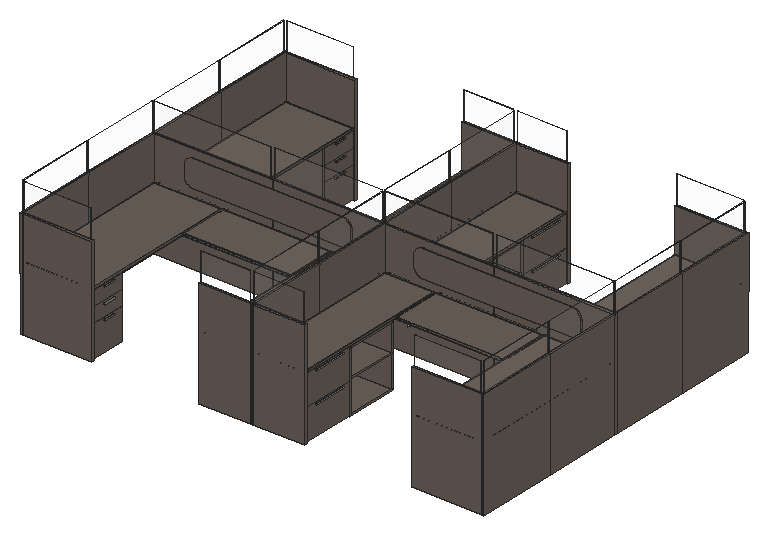
Revit family "OFS TYPICAL T200082", category Furniture, Revit 2022
Family settings
  OmniClass Number = 23.40.20.00
  OmniClass Title = General Furniture and Specialties
  Work Plane-Based = No
  Always vertical = Yes
  Cut with Voids When Loaded = No
  Render Appearance Source = Family Geometry
  Shared = No
  Room Calculation Point = No
Parameters (values of type "T200082")
  URL = "http://ofs.com/"
  Model = "T200082"
  Manufacturer = "OFS"
  Description = "OFS TYPICAL T200082"
  Default Elevation = 0' - 0"
  Copyright © = "©OFS 2024"
  Catalog = ""
  Authoring Version = "Autodesk Revit 2018"
  Assembly Code = "E2020200"
Reference planes (in)
  plane 1 "Center Front/Back": y = 0
  plane 2: z = 0
  plane 3 "Center Left/Right": x = 0
Dimensions and locks (in)
  aligned and locked: level to plane 2
Nested families (in)
  nested 1: "STAKS BENCHING RECTANGULAR WORKSURFACES" at (-78.80498, 0.33365, 0), type "STAKS BENCHING RECTANGULAR WORKSURFACE 48 X 22"
  nested 2: "STAKS BENCHING RECTANGULAR WORKSURFACES" at (-103.33365, -80.05498, 0) x (0, 1, 0) z (0, 0, 1), type "STAKS BENCHING RECTANGULAR WORKSURFACE 72 X 30/2"
    with SURFACE DEPTH 2' - 6", SURFACE WIDTH 5' - 11"
  nested 3: "STAKS RECTANGULAR WORKSURFACES Short Grain" at (-24.83365, -80.05498, 0) x (0, 1, 0) z (0, 0, 1), type "STAKS RECTANGULAR WORKSURFACE 22 x 72/1"
    with Height Above Floor 2' - 5", Width 5' - 11"
  nested 4: "STAKS WORKSURFACE HEIGHT PEDESTAL - BOX-BOX-FILE - NO RISER SUPPORT" at (-78.87837, -85.66461, 0) x (0, 1, 0) z (0, 0, 1), type "STAKS WORKSURFACE HEIGHT PEDESTAL - BOX-BOX-FILE - NO RISER SUPPORT 27in D"
  nested 5: "STAKS WORKSURFACE HEIGHT OPEN SHELF PEDESTAL - NO RISER SUPPORT" at (-24.36921, -15.52289, 0) x (0, -1, 0) z (0, 0, 1), type "STAKS WORKSURFACE HEIGHT OPEN SHELF PEDESTAL - NO RISER SUPPORT 24 x 19"
  nested 6: "STAKS WORKSURFACE HEIGHT PEDESTAL WIDE - FILE-FILE - NO RISER SUPPORT" at (-23.61906, -39.52289, 0) x (0, -1, 0) z (0, 0, 1), type "STAKS WORKSURFACE HEIGHT PEDESTAL WIDE - OPEN-BOX-FILE - NO RISER SUPPORT 24 x 19"
  nested 7: "STAKS SPINE OR DIVIDER WALL 48in" at (7.05498, -75.83365, 0) x (-1, 0, 0) z (0, 0, 1), type "STAKS SPINE OR DIVIDER WALL 48in X 24in 2"
    with Height Above Floor 4' - 0", Width 1' - 11"
  nested 8: "STAKS BENCHING PRIVACY PANEL - FROSTED ACRYLIC _ GLASS" at (-86.6875, -71.87465, 18.835) x (-1, 0, 0) z (0, 0, 1), type "STAKS BENCHING PRIVACY PANEL - FROSTED ACRYLIC 30 X 13"
  nested 9: "STAKS BENCHING PRIVACY PANEL - FROSTED ACRYLIC _ GLASS" at (-100.87465, -18.8125, 18.835) x (0, 1, 0) z (0, 0, 1), type "STAKS BENCHING PRIVACY PANEL - FROSTED ACRYLIC 36 X 13"
  nested 10: "STAKS BENCHING PRIVACY PANEL - FROSTED ACRYLIC _ GLASS" at (-24.5625, -2.12535, 18.835), type "STAKS BENCHING PRIVACY PANEL - FROSTED ACRYLIC 48 X 13"
  nested 11: "STAKS FABRIC TACKBOARD WITH ROUNDED CORNERS FOR SPINE OR DIVIDER WALL" at (-95.55498, 0.83365, 3), type "STAKS FABRIC TACKBOARD WITH ROUNDED CORNERS FOR SPINE OR DIVIDER WALL 12H x 74-96W"
    with Height Above Floor 3' - 5 1/2"
  nested 12: "STAKS BENCHING CANTILEVER WORKSURFACE BRACKET - OPEN" at (-47.75, -3.87535, 0), type "CANTILEVER WORKSURFACE BRACKET - OPEN 22in"
  nested 13: "STAKS BENCHING CANTILEVER WORKSURFACE BRACKET - OPEN" at (-99.12465, -32.75, 0) x (0, 1, 0) z (0, 0, 1), type "CANTILEVER WORKSURFACE BRACKET - OPEN 30in"
  nested 14: "STAKS SPINE OR DIVIDER WALL 48in" at (-41.44502, 1.83365, 0) x (-1, 0, 0) z (0, 0, 1), type ""
    with Height Above Floor 4' - 0"
  nested 15: "STAKS SPINE OR DIVIDER WALL 48in" at (-56.55498, 1.83365, 0), type "STAKS SPINE OR DIVIDER WALL 48in X 49in"
    with Height Above Floor 4' - 0"
  nested 16: "STAKS SPINE OR DIVIDER WALL 48in" at (-100.16635, -44.55498, 0) x (0, 1, 0) z (0, 0, 1), type ""
    with Height Above Floor 4' - 0"
  nested 17: "STAKS SPINE OR DIVIDER WALL 48in" at (-100.16635, -29.44502, 0) x (0, -1, 0) z (0, 0, 1), type "STAKS SPINE OR DIVIDER WALL 48in X 37in"
    with Height Above Floor 4' - 0"
  nested 18: "STAKS SPINE OR DIVIDER WALL 48in" at (-63.44502, -75.83365, 0) x (-1, 0, 0) z (0, 0, 1), type "STAKS SPINE OR DIVIDER WALL 48in X 30in 2"
    with Height Above Floor 4' - 0", Width 2' - 7"
  nested 19: "STAKS SPINE OR DIVIDER WALL 48in" at (-2.33365, -44.55498, 0) x (0, 1, 0) z (0, 0, 1), type "STAKS SPINE OR DIVIDER WALL 48in X 36in"
    with Height Above Floor 4' - 0"
  nested 20: "STAKS SPINE OR DIVIDER WALL 48in" at (-2.33365, -29.44502, 0) x (0, -1, 0) z (0, 0, 1), type ""
    with Height Above Floor 4' - 0"
  nested 21: "STAKS BENCHING PRIVACY PANEL - FROSTED ACRYLIC _ GLASS" at (-76.1875, -2.12535, 18.835) x (-1, 0, 0) z (0, 0, 1), type ""
    with PRIVACY PANEL WIDTH 4' - 4"
  nested 22: "STAKS BENCHING PRIVACY PANEL - FROSTED ACRYLIC _ GLASS" at (-100.87465, -55.1875, 18.835) x (0, -1, 0) z (0, 0, 1), type ""
  nested 23: "STAKS BENCHING PRIVACY PANEL - FROSTED ACRYLIC _ GLASS" at (-1.62535, -18.8125, 18.835) x (0, 1, 0) z (0, 0, 1), type ""
  nested 24: "STAKS BENCHING PRIVACY PANEL - FROSTED ACRYLIC _ GLASS" at (-1.62535, -55.1875, 18.835) x (0, -1, 0) z (0, 0, 1), type "STAKS BENCHING PRIVACY PANEL - FROSTED ACRYLIC 36 X 13"
  nested 25: "STAKS BENCHING CANTILEVER WORKSURFACE BRACKET - OPEN" at (-99.12465, -2.25, 0) x (0, 1, 0) z (0, 0, 1), type "CANTILEVER WORKSURFACE BRACKET - OPEN 30in"
  nested 26: "STAKS BENCHING CANTILEVER WORKSURFACE BRACKET - OPEN" at (-19.63638, 1.59384, 0) x (0, 1, 0) z (0, 0, 1), type "CANTILEVER WORKSURFACE BRACKET - OPEN 30in"
  nested 27: "STAKS BENCHING CANTILEVER WORKSURFACE BRACKET - OPEN" at (-13.75, -3.87535, 0), type "CANTILEVER WORKSURFACE BRACKET - OPEN 22in"
  nested 28: "STAKS BENCHING PRIVACY PANEL - FROSTED ACRYLIC _ GLASS" at (-11.9375, -71.87465, 18.835) x (-1, 0, 0) z (0, 0, 1), type "STAKS BENCHING PRIVACY PANEL - FROSTED ACRYLIC 21 X 13/1"
    with PRIVACY PANEL WIDTH 1' - 10"
  nested 29: "STAKS BENCHING RECTANGULAR WORKSURFACES" at (78.80498, 0.33365, 0) x (-1, 0, 0) z (0, 0, 1), type ""
  nested 30: "STAKS BENCHING RECTANGULAR WORKSURFACES" at (103.33365, -80.05498, 0) x (0, 1, 0) z (0, 0, 1), type ""
    with SURFACE DEPTH 2' - 6", SURFACE WIDTH 5' - 11"
  nested 31: "STAKS RECTANGULAR WORKSURFACES Short Grain" at (24.83365, -80.05498, 0) x (0, 1, 0) z (0, 0, 1), type ""
    with Height Above Floor 2' - 5", Width 5' - 11"
  nested 32: "STAKS WORKSURFACE HEIGHT PEDESTAL - BOX-BOX-FILE - NO RISER SUPPORT" at (78.87837, -85.66461, 0) x (0, 1, 0) z (0, 0, 1), type ""
  nested 33: "STAKS WORKSURFACE HEIGHT OPEN SHELF PEDESTAL - NO RISER SUPPORT" at (24.36921, -15.52289, 0) x (0, -1, 0) z (0, 0, 1), type ""
  nested 34: "STAKS WORKSURFACE HEIGHT PEDESTAL WIDE - FILE-FILE - NO RISER SUPPORT" at (23.61906, -39.52289, 0) x (0, -1, 0) z (0, 0, 1), type ""
  nested 35: "STAKS SPINE OR DIVIDER WALL 48in" at (-7.05498, -75.83365, 0), type ""
    with Height Above Floor 4' - 0", Width 1' - 11"
  nested 36: "STAKS BENCHING PRIVACY PANEL - FROSTED ACRYLIC _ GLASS" at (86.6875, -71.87465, 18.835), type ""
  nested 37: "STAKS BENCHING PRIVACY PANEL - FROSTED ACRYLIC _ GLASS" at (100.87465, -18.8125, 18.835) x (0, 1, 0) z (0, 0, 1), type ""
  nested 38: "STAKS BENCHING PRIVACY PANEL - FROSTED ACRYLIC _ GLASS" at (24.5625, -2.12535, 18.835) x (-1, 0, 0) z (0, 0, 1), type ""
  nested 39: "STAKS FABRIC TACKBOARD WITH ROUNDED CORNERS FOR SPINE OR DIVIDER WALL" at (95.55498, 0.83365, 3) x (-1, 0, 0) z (0, 0, 1), type ""
    with Height Above Floor 3' - 5 1/2"
  nested 40: "STAKS BENCHING CANTILEVER WORKSURFACE BRACKET - OPEN" at (47.75, -3.87535, 0) x (-1, 0, 0) z (0, 0, 1), type ""
  nested 41: "STAKS BENCHING CANTILEVER WORKSURFACE BRACKET - OPEN" at (99.12465, -32.75, 0) x (0, 1, 0) z (0, 0, 1), type ""
  nested 42: "STAKS SPINE OR DIVIDER WALL 48in" at (41.44502, 1.83365, 0), type "STAKS SPINE OR DIVIDER WALL 48in X 54in"
    with Height Above Floor 4' - 0"
  nested 43: "STAKS SPINE OR DIVIDER WALL 48in" at (56.55498, 1.83365, 0) x (-1, 0, 0) z (0, 0, 1), type ""
    with Height Above Floor 4' - 0"
  nested 44: "STAKS SPINE OR DIVIDER WALL 48in" at (100.16635, -44.55498, 0) x (0, 1, 0) z (0, 0, 1), type "STAKS SPINE OR DIVIDER WALL 48in X 36in"
    with Height Above Floor 4' - 0"
  nested 45: "STAKS SPINE OR DIVIDER WALL 48in" at (100.16635, -29.44502, 0) x (0, -1, 0) z (0, 0, 1), type ""
    with Height Above Floor 4' - 0"
  nested 46: "STAKS SPINE OR DIVIDER WALL 48in" at (63.44502, -75.83365, 0), type ""
    with Height Above Floor 4' - 0", Width 2' - 7"
  nested 47: "STAKS BENCHING PRIVACY PANEL - FROSTED ACRYLIC _ GLASS" at (76.1875, -2.12535, 18.835), type "STAKS BENCHING PRIVACY PANEL - FROSTED ACRYLIC 54 X 13/2"
    with PRIVACY PANEL WIDTH 4' - 4"
  nested 48: "STAKS BENCHING PRIVACY PANEL - FROSTED ACRYLIC _ GLASS" at (100.87465, -55.1875, 18.835) x (0, -1, 0) z (0, 0, 1), type "STAKS BENCHING PRIVACY PANEL - FROSTED ACRYLIC 36 X 13"
  nested 49: "STAKS BENCHING CANTILEVER WORKSURFACE BRACKET - OPEN" at (99.12465, -2.25, 0) x (0, 1, 0) z (0, 0, 1), type ""
  nested 50: "STAKS BENCHING CANTILEVER WORKSURFACE BRACKET - OPEN" at (19.63638, 1.59384, 0) x (0, 1, 0) z (0, 0, 1), type ""
  nested 51: "STAKS BENCHING CANTILEVER WORKSURFACE BRACKET - OPEN" at (13.75, -3.87535, 0) x (-1, 0, 0) z (0, 0, 1), type ""
  nested 52: "STAKS BENCHING PRIVACY PANEL - FROSTED ACRYLIC _ GLASS" at (11.9375, -71.87465, 18.835), type ""
    with PRIVACY PANEL WIDTH 1' - 10"
  nested 53: "STAKS BENCHING RECTANGULAR WORKSURFACES" at (-78.80498, -1.33365, 0), type ""
  nested 54: "STAKS BENCHING RECTANGULAR WORKSURFACES" at (-103.33365, 79.05498, 0) x (0, -1, 0) z (0, 0, 1), type ""
    with SURFACE DEPTH 2' - 6", SURFACE WIDTH 5' - 11"
  nested 55: "STAKS RECTANGULAR WORKSURFACES Short Grain" at (-24.83365, 79.05498, 0) x (0, -1, 0) z (0, 0, 1), type ""
    with Height Above Floor 2' - 5", Width 5' - 11"
  nested 56: "STAKS WORKSURFACE HEIGHT PEDESTAL - BOX-BOX-FILE - NO RISER SUPPORT" at (-78.87837, 84.66461, 0) x (0, -1, 0) z (0, 0, 1), type ""
  nested 57: "STAKS WORKSURFACE HEIGHT OPEN SHELF PEDESTAL - NO RISER SUPPORT" at (-24.36921, 14.52289, 0) x (0, 1, 0) z (0, 0, 1), type ""
  nested 58: "STAKS WORKSURFACE HEIGHT PEDESTAL WIDE - FILE-FILE - NO RISER SUPPORT" at (-23.61906, 38.52289, 0) x (0, 1, 0) z (0, 0, 1), type ""
  nested 59: "STAKS SPINE OR DIVIDER WALL 48in" at (7.05498, 74.83365, 0) x (-1, 0, 0) z (0, 0, 1), type ""
    with Height Above Floor 4' - 0", Width 1' - 11"
  nested 60: "STAKS BENCHING PRIVACY PANEL - FROSTED ACRYLIC _ GLASS" at (-86.6875, 70.87465, 18.835) x (-1, 0, 0) z (0, 0, 1), type ""
  nested 61: "STAKS BENCHING PRIVACY PANEL - FROSTED ACRYLIC _ GLASS" at (-100.87465, 17.8125, 18.835) x (0, -1, 0) z (0, 0, 1), type ""
  nested 62: "STAKS FABRIC TACKBOARD WITH ROUNDED CORNERS FOR SPINE OR DIVIDER WALL" at (-95.55498, -1.83365, 3), type ""
    with Height Above Floor 3' - 5 1/2"
  nested 63: "STAKS BENCHING CANTILEVER WORKSURFACE BRACKET - OPEN" at (-47.75, 2.87535, 0), type ""
  nested 64: "STAKS BENCHING CANTILEVER WORKSURFACE BRACKET - OPEN" at (-99.12465, 31.75, 0) x (0, -1, 0) z (0, 0, 1), type ""
  nested 65: "STAKS SPINE OR DIVIDER WALL 48in" at (-100.16635, 43.55498, 0) x (0, -1, 0) z (0, 0, 1), type "STAKS SPINE OR DIVIDER WALL 48in X 36in"
    with Height Above Floor 4' - 0"
  nested 66: "STAKS SPINE OR DIVIDER WALL 48in" at (-100.16635, 28.44502, 0) x (0, 1, 0) z (0, 0, 1), type ""
    with Height Above Floor 4' - 0"
  nested 67: "STAKS SPINE OR DIVIDER WALL 48in" at (-63.44502, 74.83365, 0) x (-1, 0, 0) z (0, 0, 1), type ""
    with Height Above Floor 4' - 0", Width 2' - 7"
  nested 68: "STAKS SPINE OR DIVIDER WALL 48in" at (-2.33365, 43.55498, 0) x (0, -1, 0) z (0, 0, 1), type ""
    with Height Above Floor 4' - 0"
  nested 69: "STAKS SPINE OR DIVIDER WALL 48in" at (-2.33365, 28.44502, 0) x (0, 1, 0) z (0, 0, 1), type "STAKS SPINE OR DIVIDER WALL 48in X 37in"
    with Height Above Floor 4' - 0"
  nested 70: "STAKS BENCHING PRIVACY PANEL - FROSTED ACRYLIC _ GLASS" at (-100.87465, 54.1875, 18.835) x (0, 1, 0) z (0, 0, 1), type "STAKS BENCHING PRIVACY PANEL - FROSTED ACRYLIC 36 X 13"
  nested 71: "STAKS BENCHING PRIVACY PANEL - FROSTED ACRYLIC _ GLASS" at (-1.62535, 17.8125, 18.835) x (0, -1, 0) z (0, 0, 1), type "STAKS BENCHING PRIVACY PANEL - FROSTED ACRYLIC 36 X 13"
  nested 72: "STAKS BENCHING PRIVACY PANEL - FROSTED ACRYLIC _ GLASS" at (-1.62535, 54.1875, 18.835) x (0, 1, 0) z (0, 0, 1), type ""
  nested 73: "STAKS BENCHING CANTILEVER WORKSURFACE BRACKET - OPEN" at (-99.12465, 1.25, 0) x (0, -1, 0) z (0, 0, 1), type ""
  nested 74: "STAKS BENCHING CANTILEVER WORKSURFACE BRACKET - OPEN" at (-19.63638, -2.59384, 0) x (0, -1, 0) z (0, 0, 1), type ""
  nested 75: "STAKS BENCHING CANTILEVER WORKSURFACE BRACKET - OPEN" at (-13.75, 2.87535, 0), type ""
  nested 76: "STAKS BENCHING PRIVACY PANEL - FROSTED ACRYLIC _ GLASS" at (-11.9375, 70.87465, 18.835) x (-1, 0, 0) z (0, 0, 1), type ""
    with PRIVACY PANEL WIDTH 1' - 10"
  nested 77: "STAKS BENCHING RECTANGULAR WORKSURFACES" at (78.80498, -1.33365, 0) x (-1, 0, 0) z (0, 0, 1), type "STAKS BENCHING RECTANGULAR WORKSURFACE 48 X 22"
  nested 78: "STAKS BENCHING RECTANGULAR WORKSURFACES" at (103.33365, 79.05498, 0) x (0, -1, 0) z (0, 0, 1), type "STAKS BENCHING RECTANGULAR WORKSURFACE 72 X 30/2"
    with SURFACE DEPTH 2' - 6", SURFACE WIDTH 5' - 11"
  nested 79: "STAKS RECTANGULAR WORKSURFACES Short Grain" at (24.83365, 79.05498, 0) x (0, -1, 0) z (0, 0, 1), type "STAKS RECTANGULAR WORKSURFACE 22 x 72/1"
    with Height Above Floor 2' - 5", Width 5' - 11"
  nested 80: "STAKS WORKSURFACE HEIGHT PEDESTAL - BOX-BOX-FILE - NO RISER SUPPORT" at (78.87837, 84.66461, 0) x (0, -1, 0) z (0, 0, 1), type "STAKS WORKSURFACE HEIGHT PEDESTAL - BOX-BOX-FILE - NO RISER SUPPORT 27in D"
  nested 81: "STAKS WORKSURFACE HEIGHT OPEN SHELF PEDESTAL - NO RISER SUPPORT" at (24.36921, 14.52289, 0) x (0, 1, 0) z (0, 0, 1), type "STAKS WORKSURFACE HEIGHT OPEN SHELF PEDESTAL - NO RISER SUPPORT 24 x 19"
  nested 82: "STAKS WORKSURFACE HEIGHT PEDESTAL WIDE - FILE-FILE - NO RISER SUPPORT" at (23.61906, 38.52289, 0) x (0, 1, 0) z (0, 0, 1), type "STAKS WORKSURFACE HEIGHT PEDESTAL WIDE - OPEN-BOX-FILE - NO RISER SUPPORT 24 x 19"
  nested 83: "STAKS SPINE OR DIVIDER WALL 48in" at (-7.05498, 74.83365, 0), type "STAKS SPINE OR DIVIDER WALL 48in X 24in 2"
    with Height Above Floor 4' - 0", Width 1' - 11"
  nested 84: "STAKS BENCHING PRIVACY PANEL - FROSTED ACRYLIC _ GLASS" at (86.6875, 70.87465, 18.835), type "STAKS BENCHING PRIVACY PANEL - FROSTED ACRYLIC 30 X 13"
  nested 85: "STAKS BENCHING PRIVACY PANEL - FROSTED ACRYLIC _ GLASS" at (100.87465, 17.8125, 18.835) x (0, -1, 0) z (0, 0, 1), type "STAKS BENCHING PRIVACY PANEL - FROSTED ACRYLIC 36 X 13"
  nested 86: "STAKS FABRIC TACKBOARD WITH ROUNDED CORNERS FOR SPINE OR DIVIDER WALL" at (95.55498, -1.83365, 3) x (-1, 0, 0) z (0, 0, 1), type "STAKS FABRIC TACKBOARD WITH ROUNDED CORNERS FOR SPINE OR DIVIDER WALL 12H x 74-96W"
    with Height Above Floor 3' - 5 1/2"
  nested 87: "STAKS BENCHING CANTILEVER WORKSURFACE BRACKET - OPEN" at (47.75, 2.87535, 0) x (-1, 0, 0) z (0, 0, 1), type "CANTILEVER WORKSURFACE BRACKET - OPEN 22in"
  nested 88: "STAKS BENCHING CANTILEVER WORKSURFACE BRACKET - OPEN" at (99.12465, 31.75, 0) x (0, -1, 0) z (0, 0, 1), type "CANTILEVER WORKSURFACE BRACKET - OPEN 30in"
  nested 89: "STAKS SPINE OR DIVIDER WALL 48in" at (100.16635, 43.55498, 0) x (0, -1, 0) z (0, 0, 1), type ""
    with Height Above Floor 4' - 0"
  nested 90: "STAKS SPINE OR DIVIDER WALL 48in" at (100.16635, 28.44502, 0) x (0, 1, 0) z (0, 0, 1), type "STAKS SPINE OR DIVIDER WALL 48in X 37in"
    with Height Above Floor 4' - 0"
  nested 91: "STAKS SPINE OR DIVIDER WALL 48in" at (63.44502, 74.83365, 0), type "STAKS SPINE OR DIVIDER WALL 48in X 30in 2"
    with Height Above Floor 4' - 0", Width 2' - 7"
  nested 92: "STAKS BENCHING PRIVACY PANEL - FROSTED ACRYLIC _ GLASS" at (100.87465, 54.1875, 18.835) x (0, 1, 0) z (0, 0, 1), type ""
  nested 93: "STAKS BENCHING CANTILEVER WORKSURFACE BRACKET - OPEN" at (99.12465, 1.25, 0) x (0, -1, 0) z (0, 0, 1), type "CANTILEVER WORKSURFACE BRACKET - OPEN 30in"
  nested 94: "STAKS BENCHING CANTILEVER WORKSURFACE BRACKET - OPEN" at (19.63638, -2.59384, 0) x (0, -1, 0) z (0, 0, 1), type "CANTILEVER WORKSURFACE BRACKET - OPEN 30in"
  nested 95: "STAKS BENCHING CANTILEVER WORKSURFACE BRACKET - OPEN" at (13.75, 2.87535, 0) x (-1, 0, 0) z (0, 0, 1), type "CANTILEVER WORKSURFACE BRACKET - OPEN 22in"
  nested 96: "STAKS BENCHING PRIVACY PANEL - FROSTED ACRYLIC _ GLASS" at (11.9375, 70.87465, 18.835), type "STAKS BENCHING PRIVACY PANEL - FROSTED ACRYLIC 21 X 13/1"
    with PRIVACY PANEL WIDTH 1' - 10"
Definition of nested family "STAKS BENCHING RECTANGULAR WORKSURFACES"
  Parameters (values of type "STAKS BENCHING RECTANGULAR WORKSURFACE 48 X 22")
    URL = "https://www.ofs.com/"
    SURFACE DEPTH = 1' - 10"
    Model = "6-MCT-48/22"
    Manufacturer = "OFS"
    Description = "OFS STAKS BENCHING 48 X 22 RECTANGULAR WORKSURFACE"
    SURFACE WIDTH = 4' - 0"
    Default Elevation = 0' - 0"
    Copyright © = "© 2018 OFS"
    Catalog = "https://ofs.com/products/open-plan/benching/staks"
    Authoring Version = "Autodesk Revit Architecture 2013"
    Assembly Code = "E2020200"
  Types (21): name | SURFACE DEPTH | Model | Description | SURFACE WIDTH
    STAKS BENCHING RECTANGULAR WORKSURFACE 48 X 22 | 1' - 10" | "6-MCT-48/22" | "OFS STAKS BENCHING 48 X 22 RECTANGULAR WORKSURFACE" | 4' - 0"
    STAKS BENCHING RECTANGULAR WORKSURFACE 60 X 22 | 1' - 10" | "6-MCT-60/22" | "OFS STAKS BENCHING 60 X 22 RECTANGULAR WORKSURFACE" | 5' - 0"
    STAKS BENCHING RECTANGULAR WORKSURFACE 72 X 22 | 1' - 10" | "6-MCT-72/22" | "OFS STAKS BENCHING 72 X 22 RECTANGULAR WORKSURFACE" | 6' - 0"
    STAKS BENCHING RECTANGULAR WORKSURFACE 60 X 36 | 3' - 0" | "6-MCT-60/36" | "OFS STAKS BENCHING 60 X 36 RECTANGULAR WORKSURFACE" | 5' - 0"
    STAKS BENCHING RECTANGULAR WORKSURFACE 72 X 36 | 3' - 0" | "6-MCT-72/36" | "OFS STAKS BENCHING 72 X 36 RECTANGULAR WORKSURFACE" | 6' - 0"
    STAKS BENCHING RECTANGULAR WORKSURFACE 60 X 30 | 2' - 6" | "6-MCT-60/30" | "OFS STAKS BENCHING 60 X 30 RECTANGULAR WORKSURFACE" | 5' - 0"
    STAKS BENCHING RECTANGULAR WORKSURFACE 72 X 30 | 2' - 6" | "6-MCT-72/30" | "OFS STAKS BENCHING 72 X 30 RECTANGULAR WORKSURFACE" | 6' - 0"
    STAKS BENCHING RECTANGULAR WORKSURFACE 48 X 30 | 2' - 6" | "6-MCT-48/30" | "OFS STAKS BENCHING 48 X 30 RECTANGULAR WORKSURFACE" | 4' - 0"
    STAKS BENCHING RECTANGULAR WORKSURFACE 48 X 36 | 3' - 0" | "6-MCT-48/36" | "OFS STAKS BENCHING 48 X 36 RECTANGULAR WORKSURFACE" | 4' - 0"
    STAKS BENCHING RECTANGULAR WORKSURFACE 54 X 22 | 1' - 10" | "6-MCT-54/22" | "OFS STAKS BENCHING 54 X 22 RECTANGULAR WORKSURFACE" | 4' - 6"
    STAKS BENCHING RECTANGULAR WORKSURFACE 66 X 22 | 1' - 10" | "6-MCT-66/22" | "OFS STAKS BENCHING 66 X 22 RECTANGULAR WORKSURFACE" | 5' - 6"
    STAKS BENCHING RECTANGULAR WORKSURFACE 78 X 22 | 1' - 10" | "6-MCT-78/22" | "OFS STAKS BENCHING 78 X 22 RECTANGULAR WORKSURFACE" | 6' - 6"
    STAKS BENCHING RECTANGULAR WORKSURFACE 84 X 22 | 1' - 10" | "6-MCT-84/22" | "OFS STAKS BENCHING 84 X 22 RECTANGULAR WORKSURFACE" | 7' - 0"
    STAKS BENCHING RECTANGULAR WORKSURFACE 54 X 30 | 2' - 6" | "6-MCT-54/30" | "OFS STAKS BENCHING 54 X 30 RECTANGULAR WORKSURFACE" | 4' - 6"
    STAKS BENCHING RECTANGULAR WORKSURFACE 66 X 30 | 2' - 6" | "6-MCT-66/30" | "OFS STAKS BENCHING 66 X 30 RECTANGULAR WORKSURFACE" | 5' - 6"
    STAKS BENCHING RECTANGULAR WORKSURFACE 78 X 30 | 2' - 6" | "6-MCT-78/30" | "OFS STAKS BENCHING 78 X 30 RECTANGULAR WORKSURFACE" | 6' - 6"
    STAKS BENCHING RECTANGULAR WORKSURFACE 84 X 30 | 2' - 6" | "6-MCT-84/30" | "OFS STAKS BENCHING 84 X 30 RECTANGULAR WORKSURFACE" | 7' - 0"
    STAKS BENCHING RECTANGULAR WORKSURFACE 54 X 36 | 3' - 0" | "6-MCT-54/36" | "OFS STAKS BENCHING 54 X 36 RECTANGULAR WORKSURFACE" | 4' - 6"
    STAKS BENCHING RECTANGULAR WORKSURFACE 66 X 36 | 3' - 0" | "6-MCT-66/36" | "OFS STAKS BENCHING 66 X 36 RECTANGULAR WORKSURFACE" | 5' - 6"
    STAKS BENCHING RECTANGULAR WORKSURFACE 78 X 36 | 3' - 0" | "6-MCT-78/36" | "OFS STAKS BENCHING 78 X 36 RECTANGULAR WORKSURFACE" | 6' - 6"
    STAKS BENCHING RECTANGULAR WORKSURFACE 84 X 36 | 3' - 0" | "6-MCT-84/36" | "OFS STAKS BENCHING 84 X 36 RECTANGULAR WORKSURFACE" | 6' - 6"
  Reference planes (in)
    plane 1: z = -0.125
    plane 2 "LEFT": x = 7.55498
    plane 3 "RIGHT": x = 55.55498
    plane 4 "BACK": y = -1.83365
    plane 5 "FRONT": y = -23.83365
    plane 6: x = 7.67998
    plane 7: x = 55.42998
    plane 8: y = -1.95865
    plane 9: y = -23.70865
    plane 10: z = 27.75
    plane 11 "SURFACE TOP": z = 28.875
  Forms (in)
    Extrusion 1, solid
      sketch origin (0, 0, 17.125) x (-1, 0, 0) y (0, -1, 0)
        loop
          line (-7.67998, 1.95865) -> (-7.67998, 23.70865) -> (-55.42998, 23.70865) -> (-55.42998, 1.95865) -> (-7.67998, 1.95865)
      from 11.75 to 10.625
    Sweep 2, solid
      path origin (0, 0, 28.875) x (0, 1, 0) y (-1, 0, 0)
        loop
          line (-23.83365, -7.55498) -> (-23.83365, -55.55498) -> (-1.83365, -55.55498) -> (-1.83365, -7.55498) -> (-23.83365, -7.55498)
      profile origin (31.55498, -23.83365, 28.875) x (0, 1, 0) y (0, 0, 1)
        loop
          arc (0.125, 0) -> (0.03661, -0.03661) -> (0, -0.125) r 0.125
          line (0, -0.125) -> (0, -1)
          arc (0, -1) -> (0.03661, -1.08839) -> (0.125, -1.125) r 0.125
          line (0.125, -1.125) -> (0.125, 0)
  Lines and regions (in)
    Masking region 1
      outline origin (0, 0, 16.625) x (-1, 0, 0) y (0, -1, 0)
        loop
          line (-7.67998, 1.95865) -> (-7.55498, 1.83365) -> (-7.55498, 23.83365) -> (-7.67998, 23.70865) -> (-7.67998, 1.95865)
    Masking region 2
      outline origin (0, 0, 16.625) x (-1, 0, 0) y (0, -1, 0)
        loop
          line (-7.55498, 1.83365) -> (-7.67998, 1.95865) -> (-55.42998, 1.95865) -> (-55.55498, 1.83365) -> (-7.55498, 1.83365)
    Masking region 3
      outline origin (0, 0, 16.625) x (-1, 0, 0) y (0, -1, 0)
        loop
          line (-55.55498, 1.83365) -> (-55.42998, 1.95865) -> (-55.42998, 23.70865) -> (-55.55498, 23.83365) -> (-55.55498, 1.83365)
    Masking region 4
      outline origin (0, 0, 16.625) x (-1, 0, 0) y (0, -1, 0)
        loop
          line (-55.55498, 23.83365) -> (-55.42998, 23.70865) -> (-7.67998, 23.70865) -> (-7.55498, 23.83365) -> (-55.55498, 23.83365)
    Masking region 5
      outline origin (0, 0, 16.625) x (-1, 0, 0) y (0, -1, 0)
        loop
          line (-55.42998, 23.70865) -> (-55.42998, 1.95865) -> (-7.67998, 1.95865) -> (-7.67998, 23.70865) -> (-55.42998, 23.70865)
  Dimensions and locks (in)
    "SURFACE DEPTH": plane 4 "BACK" to plane 5 "FRONT"
    "SURFACE WIDTH": plane 2 "LEFT" to plane 3 "RIGHT"
    locked: plane 11 "SURFACE TOP" to plane 10 at 1.125
    locked: plane 4 "BACK" to plane 8 at 0.125
    locked: plane 2 "LEFT" to plane 6 at 0.125
    locked: plane 7 to plane 3 "RIGHT" at 0.125
    locked: plane 9 to plane 5 "FRONT" at 0.125
    aligned: level to plane 1
    aligned and locked: plane 8 to Extrusion 1 sketch curve
    aligned and locked: Extrusion 1 sketch curve to plane 6
    aligned and locked: Extrusion 1 sketch curve to plane 9
    aligned and locked: plane 7 to Extrusion 1 sketch curve
    aligned and locked: plane 11 "SURFACE TOP" to Extrusion 1
    aligned and locked: Extrusion 1 to plane 10
    aligned and locked: Sweep 2 sketch curve to plane 5 "FRONT"
    aligned and locked: Sweep 2 sketch curve to plane 2 "LEFT"
    aligned and locked: plane 4 "BACK" to Sweep 2 sketch curve
    aligned and locked: plane 3 "RIGHT" to Sweep 2 sketch curve
  Automatic sketch dimensions
    Masking region 1 sketch curve to plane 6 = 0' - 0"
    Masking region 1 sketch curve to plane 2 "LEFT" = 0' - 0"
    Masking region 1 sketch curve to plane 4 "BACK" = 0' - 0"
    Masking region 1 sketch curve to plane 8 = 0' - 0"
    Masking region 1 sketch curve to plane 9 = 0' - 0"
    Masking region 1 sketch curve to plane 5 "FRONT" = 0' - 0"
    Masking region 2 sketch curve to plane 3 "RIGHT" = 0' - 0"
    Masking region 2 sketch curve to plane 7 = 0' - 0"
    Masking region 2 sketch curve to plane 6 = 0' - 0"
    Masking region 2 sketch curve to plane 2 "LEFT" = 0' - 0"
    Masking region 2 sketch curve to plane 4 "BACK" = 0' - 0"
    Masking region 2 sketch curve to plane 8 = 0' - 0"
    Masking region 3 sketch curve to plane 3 "RIGHT" = 0' - 0"
    Masking region 3 sketch curve to plane 7 = 0' - 0"
    Masking region 3 sketch curve to plane 4 "BACK" = 0' - 0"
    Masking region 3 sketch curve to plane 8 = 0' - 0"
    Masking region 3 sketch curve to plane 9 = 0' - 0"
    Masking region 3 sketch curve to plane 5 "FRONT" = 0' - 0"
    Masking region 4 sketch curve to plane 3 "RIGHT" = 0' - 0"
    Masking region 4 sketch curve to plane 7 = 0' - 0"
    Masking region 4 sketch curve to plane 6 = 0' - 0"
    Masking region 4 sketch curve to plane 2 "LEFT" = 0' - 0"
    Masking region 4 sketch curve to plane 9 = 0' - 0"
    Masking region 4 sketch curve to plane 5 "FRONT" = 0' - 0"
    Masking region 5 sketch curve to plane 7 = 0' - 0"
    Masking region 5 sketch curve to plane 6 = 0' - 0"
    Masking region 5 sketch curve to plane 8 = 0' - 0"
    Masking region 5 sketch curve to plane 9 = 0' - 0"
    Sweep 2 sketch curve to profile plane = 0' - 0"
    Sweep 2 sketch curve to plane 11 "SURFACE TOP" = 0' - 0"
    Sweep 2 sketch curve to profile plane = 0' - 0 1/8"
    Sweep 2 sketch curve to Sweep 2 sketch curve = 0' - 0 7/8"
Definition of nested family "STAKS RECTANGULAR WORKSURFACES Short Grain"
  Parameters (values of type "STAKS RECTANGULAR WORKSURFACE 22 x 15.625")
    URL = "http://www.ofs.com/"
    Height Above Floor [instance] = 2' - 5"
    Height = 0' - 1 1/8"
    Depth = 1' - 10"
    Model = "6-MCT-22/15.625"
    Manufacturer = "OFS"  # constant formula
    Description = "OFS STAKS 22 X 15.625 RECTANGULAR WORKSURFACE For Worksurface or Low Height Applications, Short Grain"
    Width = 1' - 3 5/8"
    Default Elevation = 0' - 0"
    Copyright © = "© 2018 OFS"  # constant formula
    Catalog = "https://ofs.com/products/casegoods/private-office/staks"  # constant formula
    Authoring Version = "Autodesk Revit Architecture 2013"
    Assembly Code = "E2020200"
  Types (24): name | Model | Description | Width
    STAKS RECTANGULAR WORKSURFACE 22 x 15.625 | "6-MCT-22/15.625" | "OFS STAKS 22 X 15.625 RECTANGULAR WORKSURFACE For Worksurface or Low Height Applications, Short Grain" | 1' - 3 5/8"
    STAKS RECTANGULAR WORKSURFACE 22 x 34 | "6-MCT-22/34" | "OFS STAKS 22 X 34 RECTANGULAR WORKSURFACE For Worksurface or Low Height Applications, Short Grain" | 2' - 10"
    STAKS RECTANGULAR WORKSURFACE 22 x 36 | "6-MCT-22/36" | "OFS STAKS 22 X 36 RECTANGULAR WORKSURFACE For Worksurface or Low Height Applications, Short Grain" | 3' - 0"
    STAKS RECTANGULAR WORKSURFACE 22 x 42 | "6-MCT-22/42" | "OFS STAKS 22 X 42 RECTANGULAR WORKSURFACE For Worksurface or Low Height Applications, Short Grain" | 3' - 6"
    STAKS RECTANGULAR WORKSURFACE 22 x 46 | "6-MCT-22/46" | "OFS STAKS 22 X 46 RECTANGULAR WORKSURFACE For Worksurface or Low Height Applications, Short Grain" | 3' - 10"
    STAKS RECTANGULAR WORKSURFACE 22 x 48 | "6-MCT-22/48" | "OFS STAKS 22 X 48 RECTANGULAR WORKSURFACE For Worksurface or Low Height Applications, Short Grain" | 4' - 0"
    STAKS RECTANGULAR WORKSURFACE 22 x 48.5 | "6-MCT-22/48.5" | "OFS STAKS 22 X 48.5 RECTANGULAR WORKSURFACE For Worksurface or Low Height Applications, Short Grain" | 4' - 0 1/2"
    STAKS RECTANGULAR WORKSURFACE 22 x 54 | "6-MCT-22/54" | "OFS STAKS 22 X 54 RECTANGULAR WORKSURFACE For Worksurface or Low Height Applications, Short Grain" | 4' - 6"
    STAKS RECTANGULAR WORKSURFACE 22 x 55.5 | "6-MCT-22/55.5" | "OFS STAKS 22 X 55.5 RECTANGULAR WORKSURFACE For Worksurface or Low Height Applications, Short Grain" | 4' - 7 1/2"
    STAKS RECTANGULAR WORKSURFACE 22 x 59 | "6-MCT-22/59" | "OFS STAKS 22 X 59 RECTANGULAR WORKSURFACE For Worksurface or Low Height Applications, Short Grain" | 4' - 11"
    STAKS RECTANGULAR WORKSURFACE 22 x 60 | "6-MCT-22/60" | "OFS STAKS 22 X 60 RECTANGULAR WORKSURFACE For Worksurface or Low Height Applications, Short Grain" | 5' - 0"
    STAKS RECTANGULAR WORKSURFACE 22 x 64 | "6-MCT-22/64" | "OFS STAKS 22 X 64 RECTANGULAR WORKSURFACE For Worksurface or Low Height Applications, Short Grain" | 5' - 4"
    STAKS RECTANGULAR WORKSURFACE 22 x 66 | "6-MCT-22/66" | "OFS STAKS 22 X 66 RECTANGULAR WORKSURFACE For Worksurface or Low Height Applications, Short Grain" | 5' - 6"
    STAKS RECTANGULAR WORKSURFACE 22 x 69.625 | "6-MCT-22/69.625" | "OFS STAKS 22 X 69.625 RECTANGULAR WORKSURFACE For Worksurface or Low Height Applications, Short Grain" | 5' - 9 5/8"
    STAKS RECTANGULAR WORKSURFACE 22 x 70.5 | "6-MCT-22/70.5" | "OFS STAKS 22 X 70.5 RECTANGULAR WORKSURFACE For Worksurface or Low Height Applications, Short Grain" | 5' - 10 1/2"
    STAKS RECTANGULAR WORKSURFACE 22 x 72 | "6-MCT-22/72" | "OFS STAKS 22 X 72 RECTANGULAR WORKSURFACE For Worksurface or Low Height Applications, Short Grain" | 6' - 0"
    STAKS RECTANGULAR WORKSURFACE 22 x 74 | "6-MCT-22/74" | "OFS STAKS 22 X 74 RECTANGULAR WORKSURFACE For Worksurface or Low Height Applications, Short Grain" | 6' - 2"
    STAKS RECTANGULAR WORKSURFACE 22 x 78 | "6-MCT-22/78" | "OFS STAKS 22 X 78 RECTANGULAR WORKSURFACE For Worksurface or Low Height Applications, Short Grain" | 6' - 6"
    STAKS RECTANGULAR WORKSURFACE 22 x 82.5 | "6-MCT-22/82.5" | "OFS STAKS 22 X 82.5 RECTANGULAR WORKSURFACE For Worksurface or Low Height Applications, Short Grain" | 6' - 10 1/2"
    STAKS RECTANGULAR WORKSURFACE 22 x 84 | "6-MCT-22/84" | "OFS STAKS 22 X 84 RECTANGULAR WORKSURFACE For Worksurface or Low Height Applications, Short Grain" | 7' - 0"
    STAKS RECTANGULAR WORKSURFACE 22 x 87.625 | "6-MCT-22/87.625" | "OFS STAKS 22 X 87.625 RECTANGULAR WORKSURFACE For Worksurface or Low Height Applications, Short Grain" | 7' - 3 5/8"
    STAKS RECTANGULAR WORKSURFACE 22 x 90 | "6-MCT-22/90" | "OFS STAKS 22 X 90 RECTANGULAR WORKSURFACE For Worksurface or Low Height Applications, Short Grain" | 7' - 6"
    STAKS RECTANGULAR WORKSURFACE 22 x 94 | "6-MCT-22/94" | "OFS STAKS 22 X 94 RECTANGULAR WORKSURFACE For Worksurface or Low Height Applications, Short Grain" | 7' - 10"
    STAKS RECTANGULAR WORKSURFACE 22 x 96 | "6-MCT-22/96" | "OFS STAKS 22 X 96 RECTANGULAR WORKSURFACE For Worksurface or Low Height Applications, Short Grain" | 8' - 0"
  Reference planes (in)
    plane 1: z = -0.125
    plane 2 "LEFT": x = 7.55498
    plane 3 "RIGHT": x = 23.17998
    plane 4 "BACK": y = -1.83365
    plane 5 "FRONT": y = -23.83365
    plane 6: x = 7.67998
    plane 7: x = 23.05498
    plane 8: y = -1.95865
    plane 9: y = -23.70865
    plane 10: z = 27.75
    plane 11 "SURFACE TOP": z = 28.875
  Forms (in)
    Extrusion 1, solid
      sketch origin (0, 0, 17.125) x (-1, 0, 0) y (0, -1, 0)
        loop
          line (-7.67998, 1.95865) -> (-7.67998, 23.70865) -> (-23.05498, 23.70865) -> (-23.05498, 1.95865) -> (-7.67998, 1.95865)
      from 11.75 to 10.625
    Sweep 2, solid
      path origin (0, 0, 28.875) x (0, 1, 0) y (-1, 0, 0)
        loop
          line (-23.83365, -7.55498) -> (-23.83365, -23.17998) -> (-1.83365, -23.17998) -> (-1.83365, -7.55498) -> (-23.83365, -7.55498)
      profile origin (15.36748, -23.83365, 28.875) x (0, 1, 0) y (0, 0, 1)
        loop
          arc (0.125, 0) -> (0.03661, -0.03661) -> (0, -0.125) r 0.125
          line (0, -0.125) -> (0, -1)
          arc (0, -1) -> (0.03661, -1.08839) -> (0.125, -1.125) r 0.125
          line (0.125, -1.125) -> (0.125, 0)
  Lines and regions (in)
    Masking region 1
      outline origin (0, 0, 16.625) x (-1, 0, 0) y (0, -1, 0)
        loop
          line (-7.67998, 1.95865) -> (-7.55498, 1.83365) -> (-7.55498, 23.83365) -> (-7.67998, 23.70865) -> (-7.67998, 1.95865)
    Masking region 2
      outline origin (0, 0, 16.625) x (-1, 0, 0) y (0, -1, 0)
        loop
          line (-7.55498, 1.83365) -> (-7.67998, 1.95865) -> (-23.05498, 1.95865) -> (-23.17998, 1.83365) -> (-7.55498, 1.83365)
    Masking region 3
      outline origin (0, 0, 16.625) x (-1, 0, 0) y (0, -1, 0)
        loop
          line (-23.17998, 1.83365) -> (-23.05498, 1.95865) -> (-23.05498, 23.70865) -> (-23.17998, 23.83365) -> (-23.17998, 1.83365)
    Masking region 4
      outline origin (0, 0, 16.625) x (-1, 0, 0) y (0, -1, 0)
        loop
          line (-23.17998, 23.83365) -> (-23.05498, 23.70865) -> (-7.67998, 23.70865) -> (-7.55498, 23.83365) -> (-23.17998, 23.83365)
    Masking region 5
      outline origin (0, 0, 16.625) x (-1, 0, 0) y (0, -1, 0)
        loop
          line (-23.05498, 23.70865) -> (-23.05498, 1.95865) -> (-7.67998, 1.95865) -> (-7.67998, 23.70865) -> (-23.05498, 23.70865)
  Dimensions and locks (in)
    "Depth": plane 4 "BACK" to plane 5 "FRONT"
    "Width": plane 2 "LEFT" to plane 3 "RIGHT"
    "Height": plane 11 "SURFACE TOP" to plane 10
    locked: plane 4 "BACK" to plane 8 at 0.125
    locked: plane 2 "LEFT" to plane 6 at 0.125
    locked: plane 7 to plane 3 "RIGHT" at 0.125
    locked: plane 9 to plane 5 "FRONT" at 0.125
    "Height Above Floor": plane 11 "SURFACE TOP" to level
    aligned: level to plane 1
    aligned and locked: plane 8 to Extrusion 1 sketch curve
    aligned and locked: Extrusion 1 sketch curve to plane 6
    aligned and locked: Extrusion 1 sketch curve to plane 9
    aligned and locked: plane 7 to Extrusion 1 sketch curve
    aligned and locked: plane 11 "SURFACE TOP" to Extrusion 1
    aligned and locked: Extrusion 1 to plane 10
    aligned and locked: Sweep 2 sketch curve to plane 5 "FRONT"
    aligned and locked: Sweep 2 sketch curve to plane 2 "LEFT"
    aligned and locked: plane 4 "BACK" to Sweep 2 sketch curve
    aligned and locked: plane 3 "RIGHT" to Sweep 2 sketch curve
  Automatic sketch dimensions
    Masking region 1 sketch curve to plane 6 = 0' - 0"
    Masking region 1 sketch curve to plane 2 "LEFT" = 0' - 0"
    Masking region 1 sketch curve to plane 4 "BACK" = 0' - 0"
    Masking region 1 sketch curve to plane 8 = 0' - 0"
    Masking region 1 sketch curve to plane 9 = 0' - 0"
    Masking region 1 sketch curve to plane 5 "FRONT" = 0' - 0"
    Masking region 2 sketch curve to plane 3 "RIGHT" = 0' - 0"
    Masking region 2 sketch curve to plane 7 = 0' - 0"
    Masking region 2 sketch curve to plane 6 = 0' - 0"
    Masking region 2 sketch curve to plane 2 "LEFT" = 0' - 0"
    Masking region 2 sketch curve to plane 4 "BACK" = 0' - 0"
    Masking region 2 sketch curve to plane 8 = 0' - 0"
    Masking region 3 sketch curve to plane 3 "RIGHT" = 0' - 0"
    Masking region 3 sketch curve to plane 7 = 0' - 0"
    Masking region 3 sketch curve to plane 4 "BACK" = 0' - 0"
    Masking region 3 sketch curve to plane 8 = 0' - 0"
    Masking region 3 sketch curve to plane 9 = 0' - 0"
    Masking region 3 sketch curve to plane 5 "FRONT" = 0' - 0"
    Masking region 4 sketch curve to plane 3 "RIGHT" = 0' - 0"
    Masking region 4 sketch curve to plane 7 = 0' - 0"
    Masking region 4 sketch curve to plane 6 = 0' - 0"
    Masking region 4 sketch curve to plane 2 "LEFT" = 0' - 0"
    Masking region 4 sketch curve to plane 9 = 0' - 0"
    Masking region 4 sketch curve to plane 5 "FRONT" = 0' - 0"
    Masking region 5 sketch curve to plane 7 = 0' - 0"
    Masking region 5 sketch curve to plane 6 = 0' - 0"
    Masking region 5 sketch curve to plane 8 = 0' - 0"
    Masking region 5 sketch curve to plane 9 = 0' - 0"
    Sweep 2 sketch curve to profile plane = 0' - 0"
    Sweep 2 sketch curve to plane 11 "SURFACE TOP" = 0' - 0"
    Sweep 2 sketch curve to profile plane = 0' - 0 1/8"
    Sweep 2 sketch curve to Sweep 2 sketch curve = 0' - 0 7/8"
Definition of nested family "STAKS WORKSURFACE HEIGHT PEDESTAL - BOX-BOX-FILE - NO RISER SUPPORT"
  Parameters (values of type "STAKS WORKSURFACE HEIGHT PEDESTAL - BOX-BOX-FILE - NO RISER SUPPORT 19in D")
    URL = "http://www.ofs.com/"
    Riser Support = 0' - 0"
    Model = "6-NW1619MPD1"
    Manufacturer = "OFS"
    Height = 2' - 3 7/8"
    Drawer Material = none
    Drawer Handle Width = 0' - 5 7/16"
    Drawer Handle Material = none
    Description = "OFS STAKS WORKSURFACE HEIGHT PEDESTAL - BOX-BOX-FILE - NO RISER SUPPORT 19\" D, Two Box Drawers, Use with 22\"D Worksurfaces"
    Width = 1' - 3 5/8"
    Depth = 1' - 7 3/8"
    Default Elevation = 0' - 0"
    DH2 = 0' - 6 1/2"
    DH1 = 1' - 2 3/8"
    Copyright © = "© 2018 OFS"
    Chasis Material = none
    Catalog = "https://ofs.com/products/casegoods/private-office/staks"
    Board Thickness = 0' - 0 3/4"
    Authoring Version = "Autodesk Revit Architecture 2013"
    Assembly Code = "E2020200"
  Types (6): name | Model | Description | Depth
    STAKS WORKSURFACE HEIGHT PEDESTAL - BOX-BOX-FILE - NO RISER SUPPORT 19in D | "6-NW1619MPD1" | "OFS STAKS WORKSURFACE HEIGHT PEDESTAL - BOX-BOX-FILE - NO RISER SUPPORT 19\" D, Two Box Drawers, Use with 22\"D Worksurfaces" | 1' - 7 3/8"
    STAKS WORKSURFACE HEIGHT PEDESTAL - BOX-BOX-FILE - NO RISER SUPPORT 22in D | "6-NW1622MPD1" | "OFS STAKS WORKSURFACE HEIGHT PEDESTAL - BOX-BOX-FILE - NO RISER SUPPORT 22\" D, Two Box Drawers, Use with 22\"D Worksurfaces" | 1' - 9 7/8"
    STAKS WORKSURFACE HEIGHT PEDESTAL - BOX-BOX-FILE - NO RISER SUPPORT 27in D | "6-NW1627MPD1" | "OFS STAKS WORKSURFACE HEIGHT PEDESTAL - BOX-BOX-FILE - NO RISER SUPPORT 27\" D, Two Box Drawers, Use with 30\"D Worksurfaces" | 2' - 3 3/8"
    STAKS WORKSURFACE HEIGHT PEDESTAL - BOX-BOX-FILE - NO RISER SUPPORT 30in D | "6-NW1630MPD1" | "OFS STAKS WORKSURFACE HEIGHT PEDESTAL - BOX-BOX-FILE - NO RISER SUPPORT 30\" D, Two Box Drawers, Use with 30\"D Worksurfaces" | 2' - 5 7/8"
    STAKS WORKSURFACE HEIGHT PEDESTAL - BOX-BOX-FILE - NO RISER SUPPORT 33in D | "6-NW1633MPD1" | "OFS STAKS WORKSURFACE HEIGHT PEDESTAL - BOX-BOX-FILE - NO RISER SUPPORT 33\" D, Two Box Drawers, Use with 36\"D Worksurfaces" | 2' - 9 3/8"
    STAKS WORKSURFACE HEIGHT PEDESTAL - BOX-BOX-FILE - NO RISER SUPPORT 36in D | "6-NW1636MPD1" | "OFS STAKS WORKSURFACE HEIGHT PEDESTAL - BOX-BOX-FILE - NO RISER SUPPORT 36\" D, Two Box Drawers, Use with 36\"D Worksurfaces" | 2' - 11 7/8"
  Reference planes (in)
    plane 1: z = 0
    plane 2 "Right": x = 20.97711
    plane 3: z = 27.875
    plane 4: z = 14.375
    plane 5: z = 14.25
    plane 6: z = 0
    plane 7: z = 14
    plane 8: z = 27.625
    plane 9: z = 13.531
    plane 10: z = 27.15625
    plane 11: x = 13.16461
    plane 12: y = 1.37535
    plane 13: y = 0.62535
    plane 14: x = 13.22711
    plane 15: x = 28.72661
    plane 16: x = 13.91461
    plane 17: y = 20.00035
    plane 18: x = 28.78961
    plane 19: x = 28.03961
    plane 20: x = 18.25836
    plane 21: x = 18.63336
    plane 22: x = 23.69586
    plane 23: x = 23.32086
    plane 24: y = -0.18715
    plane 25: y = -0.37465
    plane 26: z = 20.875
    plane 27: z = 20.75
    plane 28: z = 20.5
    plane 29: z = 20.031
    plane 30: z = 0.25
    plane 31: y = 19.25035
    plane 32: z = 0.75
    plane 33: y = 16.75035
    plane 34: y = 4.37535
    plane 35: y = 8.37535
    plane 36: y = 12.75035
    plane 37: y = 5.00035
    plane 38: y = 13.37535
    plane 39: z = 28
  Forms (in)
    Extrusion 1, solid, material <- "Drawer Material"
      sketch origin (20.35211, 5, -13.1802) x (0, 1, 0) y (0, 0, 1)
        loop
          line (-4.37465, 27.4302) -> (-4.37465, 13.4302) -> (-3.62465, 13.4302) -> (-3.62465, 27.4302) -> (-4.37465, 27.4302)
      from -7.125 to 8.3745
    Extrusion 2, solid, material <- "Drawer Material"
      sketch origin (20.35211, 2.25, -7.68015) x (0, 1, 0) y (0, 0, 1)
        loop
          line (-1.62465, 28.43015) -> (-1.62465, 22.05515) -> (-0.87465, 22.05515) -> (-0.87465, 28.43015) -> (-1.62465, 28.43015)
      from -7.125 to 8.3745
    Extrusion 3, solid, material <- "Chasis Material"
      sketch origin (-3, -1.24965, 0) x (1, 0, 0) y (0, 0, 1)
        loop
          line (16.16461, 0) -> (16.91461, 0) -> (16.91461, 27.875) -> (16.16461, 27.875) -> (16.16461, 0)
      from -21.25 to -2.625
    Extrusion 4, solid, material <- "Chasis Material"
      sketch origin (19.35211, 31.02324, 0) x (0, 1, 0) y (0, 0, 1)
        loop
          line (-11.77289, 0) -> (-11.02289, 0) -> (-11.02289, 27.875) -> (-11.77289, 27.875) -> (-11.77289, 0)
      from -5.4375 to 8.6875
    Extrusion 5, solid, material <- "Drawer Handle Material"
      sketch origin (9, 0, 9.60933) x (1, 0, 0) y (0, 1, 0)
        loop
          line (9.25836, 0.62535) -> (9.25836, -0.37465) -> (14.69586, -0.37465) -> (14.69586, 0.62535) -> (14.32086, 0.62535) -> (14.32086, -0.18715) -> (9.63336, -0.18715) -> (9.63336, 0.62535) -> (9.25836, 0.62535)
      from 3.92167 to 4.39067
    Extrusion 6, solid, material <- "Drawer Handle Material"
      sketch origin (9, 0, 20.67137) x (1, 0, 0) y (0, 1, 0)
        loop
          line (9.25836, 0.62535) -> (9.25836, -0.37465) -> (14.69586, -0.37465) -> (14.69586, 0.62535) -> (14.32086, 0.62535) -> (14.32086, -0.18715) -> (9.63336, -0.18715) -> (9.63336, 0.62535) -> (9.25836, 0.62535)
      from -0.64037 to -0.17137
    Extrusion 7, solid, material <- "Chasis Material"
      sketch origin (0, 0, 0) x (1, 0, 0) y (0, 1, 0)
        loop
          line (28.78961, 20.00035) -> (28.03961, 20.00035) -> (28.03961, 1.37535) -> (28.78961, 1.37535) -> (28.78961, 20.00035)
      from 0 to 27.875
    Extrusion 8, solid, material <- "Drawer Material"
      sketch origin (20.35211, 2.25, 0.06985) x (0, 1, 0) y (0, 0, 1)
        loop
          line (-1.62465, 27.80515) -> (-1.62465, 20.80515) -> (-0.87465, 20.80515) -> (-0.87465, 27.80515) -> (-1.62465, 27.80515)
      from -7.125 to 8.3745
    Extrusion 9, solid, material <- "Drawer Handle Material"
      sketch origin (9, 0, 28.42137) x (1, 0, 0) y (0, 1, 0)
        loop
          line (9.25836, 0.62535) -> (9.25836, -0.37465) -> (14.69586, -0.37465) -> (14.69586, 0.62535) -> (14.32086, 0.62535) -> (14.32086, -0.18715) -> (9.63336, -0.18715) -> (9.63336, 0.62535) -> (9.25836, 0.62535)
      from -1.26512 to -0.79637
    Extrusion 10, solid, material <- "Chasis Material"
      sketch origin (-29.79592, -1.62465, 7.24693) x (1, 0, 0) y (0, 0, 1)
        loop
          line (43.71054, 19.90932) -> (57.83554, 19.90932) -> (57.83554, 20.62807) -> (43.71054, 20.62807) -> (43.71054, 19.90932)
      from -18.375 to -14.375
    Extrusion 11, solid, material <- "Chasis Material"
      sketch origin (-29.79592, -7.12465, 7.24693) x (1, 0, 0) y (0, 0, 1)
        loop
          line (43.71054, 19.90932) -> (57.83554, 19.90932) -> (57.83554, 20.62807) -> (43.71054, 20.62807) -> (43.71054, 19.90932)
      from -15.5 to -11.5
    Extrusion 12, solid, material <- "Chasis Material"
      sketch origin (-31.5409, -1.62465, -42.72261) x (1, 0, 0) y (0, 0, 1)
        loop
          line (45.45551, 42.72261) -> (59.58051, 42.72261) -> (59.58051, 43.47261) -> (45.45551, 43.47261) -> (45.45551, 42.72261)
      from -20.875 to -3
    Extrusion 13, solid
      sketch origin (0, 0, 0) x (1, 0, 0) y (0, 1, 0)
        loop
          line (28.72661, 20.00035) -> (28.03961, 20.00035) -> (28.03961, 13.37535) -> (13.91461, 13.37535) -> (13.91461, 20.00035) -> (13.22711, 20.00035) -> (13.22711, 0.62535) -> (13.91461, 0.62535) -> (13.91461, 4.37535) -> (28.03961, 4.37535) -> (28.03961, 0.62535) -> (28.72661, 0.62535) -> (28.72661, 20.00035)
        loop
          line (28.03961, 5.00035) -> (28.03961, 12.75035) -> (13.91461, 12.75035) -> (13.91461, 5.00035) -> (28.03961, 5.00035)
      from 27.875 to 28
  Dimensions and locks (in)
    "Board Thickness": plane 13 to plane 12
    locked: plane 11 to plane 14 at 0.0625
    "Board Thickness": plane 11 to plane 16
    locked: plane 15 to plane 18 at 0.063
    "Width": plane 11 to plane 18
    Extrusion 7 sketch curve to plane 18 = 0' - 0 3/4"
    "Board Thickness": plane 19 to plane 18
    equal spacing: plane 11, plane 2 "Right", plane 18
    locked: plane 20 to plane 21 at 0.375
    locked: plane 23 to plane 22 at 0.375
    equal spacing: plane 20, plane 2 "Right", plane 22
    "Drawer Handle Width": plane 20 to plane 22
    plane 25 to plane 24 to plane 13 = 0' - 0 3/16" locked, 0' - 0 13/16" locked
    "Riser Support": plane 6 to level
    "Height": plane 3 to plane 6
    "DH1": plane 4 to plane 6
    "DH2": plane 26 to plane 4
    locked: plane 30 to plane 6 at 0.25
    "Board Thickness": plane 31 to plane 17
    "Depth": plane 13 to plane 17
    plane 4 to plane 5 to plane 7 to plane 9 = 0' - 0 1/8" locked, 0' - 0 1/4" locked, 0' - 0.469" locked
    plane 26 to plane 27 to plane 28 to plane 29 = 0' - 0 1/8" locked, 0' - 0 1/4" locked, 0' - 0.469" locked
    plane 3 to plane 8 to plane 10 = 0' - 0 1/4" locked, 0' - 0 15/32" locked
    "Board Thickness": plane 32 to plane 6
    plane 12 to plane 34 to plane 35 = 0' - 3" locked, 0' - 4" locked
    plane 36 to plane 33 to plane 31 = 0' - 4" locked, 0' - 2 1/2" locked
    locked: plane 34 to plane 37 at 0.625
    locked: plane 36 to plane 38 at 0.625
    locked: plane 39 to plane 3 at 0.125
    aligned and locked: level to plane 1
    aligned and locked: Extrusion 1 to plane 14
    aligned and locked: plane 15 to Extrusion 1
    aligned and locked: Extrusion 2 to plane 12
    aligned and locked: plane 13 to Extrusion 2
    aligned and locked: plane 15 to Extrusion 2
    aligned and locked: Extrusion 2 to plane 14
    aligned and locked: plane 12 to Extrusion 3
    aligned and locked: Extrusion 3 to plane 17
    aligned and locked: Extrusion 4 to plane 16
    aligned and locked: plane 16 to Extrusion 3
    aligned and locked: Extrusion 3 to plane 11
    aligned and locked: Extrusion 4 to plane 17
    aligned and locked: Extrusion 1 sketch curve to plane 12
    aligned and locked: plane 13 to Extrusion 1 sketch curve
    aligned and locked: plane 19 to Extrusion 4
    aligned and locked: plane 3 to Extrusion 3
    aligned and locked: Extrusion 6 to plane 22
    aligned and locked: Extrusion 5 to plane 22
    aligned and locked: plane 23 to Extrusion 6
    aligned and locked: plane 23 to Extrusion 5
    aligned and locked: plane 21 to Extrusion 6
    aligned and locked: plane 21 to Extrusion 5
    aligned and locked: Extrusion 6 to plane 20
    aligned and locked: Extrusion 5 to plane 20
    aligned and locked: plane 24 to Extrusion 6
    aligned and locked: plane 7 to Extrusion 5
    aligned and locked: Extrusion 5 to plane 9
    aligned and locked: plane 3 to Extrusion 4
    aligned and locked: plane 27 to Extrusion 2
    aligned and locked: Extrusion 6 to plane 29
    aligned and locked: plane 28 to Extrusion 6
    aligned and locked: Extrusion 1 to plane 30
    aligned and locked: Extrusion 8 to plane 26
    aligned and locked: plane 3 to Extrusion 8
    aligned and locked: Extrusion 9 to plane 10
    aligned and locked: plane 8 to Extrusion 9
    aligned and locked: Extrusion 7 to plane 19
    aligned and locked: Extrusion 8 to plane 14
    aligned and locked: plane 15 to Extrusion 8
    aligned and locked: plane 3 to Extrusion 7
    aligned and locked: Extrusion 7 to plane 6
    aligned and locked: plane 3 to Extrusion 10
    aligned and locked: Extrusion 10 to plane 10
    aligned and locked: plane 19 to Extrusion 10
    aligned and locked: Extrusion 10 to plane 16
    aligned and locked: Extrusion 10 to plane 33
    aligned and locked: plane 36 to Extrusion 10
    aligned and locked: plane 34 to Extrusion 11
    aligned and locked: Extrusion 11 to plane 35
    aligned and locked: plane 3 to Extrusion 11
    aligned and locked: Extrusion 11 to plane 10
    aligned and locked: plane 32 to Extrusion 12
    aligned and locked: Extrusion 12 to plane 6
    aligned and locked: Extrusion 12 to plane 31
    aligned and locked: plane 12 to Extrusion 12
    aligned and locked: plane 19 to Extrusion 12
    aligned and locked: Extrusion 12 to plane 16
    aligned and locked: Extrusion 13 to plane 3
    aligned and locked: plane 39 to Extrusion 13
  Automatic sketch dimensions
    Extrusion 1 sketch curve to plane 30 = 0' - 0"
    Extrusion 1 sketch curve to plane 5 = 0' - 0"
    Extrusion 2 sketch curve to plane 13 = 0' - 0"
    Extrusion 2 sketch curve to plane 4 = 0' - 0"
    Extrusion 2 sketch curve to plane 12 = 0' - 0"
    Extrusion 2 sketch curve to plane 27 = 0' - 0"
    Extrusion 3 sketch curve to plane 6 = 0' - 0"
    Extrusion 3 sketch curve to plane 11 = 0' - 0"
    Extrusion 3 sketch curve to plane 3 = 0' - 0"
    Extrusion 3 sketch curve to plane 16 = 0' - 0"
    Extrusion 4 sketch curve to plane 6 = 0' - 0"
    Extrusion 4 sketch curve to plane 3 = 0' - 0"
    Extrusion 4 sketch curve to plane 17 = 0' - 0"
    plane 31 to Extrusion 4 sketch curve = 0' - 0"
    plane 13 to Extrusion 5 sketch curve = 0' - 0"  (x2)
    Extrusion 5 sketch curve to plane 20 = 0' - 0"
    Extrusion 5 sketch curve to plane 21 = 0' - 0"
    Extrusion 5 sketch curve to plane 23 = 0' - 0"
    Extrusion 5 sketch curve to plane 22 = 0' - 0"
    plane 25 to Extrusion 5 sketch curve = 0' - 0"
    plane 24 to Extrusion 5 sketch curve = 0' - 0"
    plane 13 to Extrusion 6 sketch curve = 0' - 0"  (x2)
    Extrusion 6 sketch curve to plane 20 = 0' - 0"
    Extrusion 6 sketch curve to plane 21 = 0' - 0"
    Extrusion 6 sketch curve to plane 23 = 0' - 0"
    Extrusion 6 sketch curve to plane 22 = 0' - 0"
    plane 25 to Extrusion 6 sketch curve = 0' - 0"
    plane 24 to Extrusion 6 sketch curve = 0' - 0"
    plane 12 to Extrusion 7 sketch curve = 0' - 0"
    Extrusion 7 sketch curve to plane 18 = 0' - 0"
    plane 17 to Extrusion 7 sketch curve = 0' - 0"
    Extrusion 8 sketch curve to plane 3 = 0' - 0"
    Extrusion 8 sketch curve to plane 13 = 0' - 0"
    Extrusion 8 sketch curve to plane 12 = 0' - 0"
    Extrusion 8 sketch curve to plane 26 = 0' - 0"
    plane 13 to Extrusion 9 sketch curve = 0' - 0"  (x2)
    Extrusion 9 sketch curve to plane 20 = 0' - 0"
    Extrusion 9 sketch curve to plane 21 = 0' - 0"
    Extrusion 9 sketch curve to plane 23 = 0' - 0"
    Extrusion 9 sketch curve to plane 22 = 0' - 0"
    plane 25 to Extrusion 9 sketch curve = 0' - 0"
    plane 24 to Extrusion 9 sketch curve = 0' - 0"
    Extrusion 10 sketch curve to plane 10 = 0' - 0"
    Extrusion 10 sketch curve to plane 16 = 0' - 0"
    Extrusion 10 sketch curve to plane 3 = 0' - 0"
    Extrusion 10 sketch curve to plane 19 = 0' - 0"
    Extrusion 11 sketch curve to plane 10 = 0' - 0"
    Extrusion 11 sketch curve to plane 16 = 0' - 0"
    Extrusion 11 sketch curve to plane 3 = 0' - 0"
    Extrusion 11 sketch curve to plane 19 = 0' - 0"
    plane 14 to Extrusion 12 sketch curve = 0' - 0 11/16"
    Extrusion 12 sketch curve to plane 6 = 0' - 0"
    plane 6 to Extrusion 12 sketch curve = 0' - 0 3/4"
    Extrusion 12 sketch curve to plane 19 = 0' - 0"
    Extrusion 13 sketch curve to plane 14 = 0' - 0"
    Extrusion 13 sketch curve to plane 19 = 0' - 0"  (x2)
    Extrusion 13 sketch curve to plane 15 = 0' - 0"
    plane 13 to Extrusion 13 sketch curve = 0' - 0"  (x2)
    Extrusion 13 sketch curve to plane 34 = 0' - 0"
    Extrusion 13 sketch curve to plane 37 = 0' - 0"
    Extrusion 13 sketch curve to plane 38 = 0' - 0"
    Extrusion 13 sketch curve to plane 36 = 0' - 0"
    Extrusion 13 sketch curve to Extrusion 13 sketch curve = 0' - 0"  (x2)
    Extrusion 13 sketch curve to plane 16 = 0' - 0"  (x2)
    plane 17 to Extrusion 13 sketch curve = 0' - 0"  (x2)
Definition of nested family "STAKS WORKSURFACE HEIGHT OPEN SHELF PEDESTAL - NO RISER SUPPORT"
  Parameters (values of type "STAKS WORKSURFACE HEIGHT OPEN SHELF PEDESTAL - NO RISER SUPPORT 24 x 19")
    URL = "http://www.ofs.com/"
    Riser Support = 0' - 0"
    Model = "6-NW2419MPD6"
    Manufacturer = "OFS"
    Height = 2' - 3 7/8"
    Drawer Material = none
    Drawer Handle Width = 0' - 5.2495"
    Drawer Handle Material = none
    Description = "OFS STAKS WORKSURFACE HEIGHT OPEN SHELF PEDESTAL - NO RISER SUPPORT 24\"W x 19\" D, Sliding Door, One Adjustable Shelf, One Stationary Shelf, Use with 22\"D Worksurfaces"
    Width = 2' - 0"
    Depth = 1' - 7 3/8"
    Default Elevation = 0' - 0"
    DH2 = 0' - 6 1/2"
    DH1 = 1' - 3 3/8"
    Copyright © = "© 2018 OFS"
    Chasis Material = none
    Catalog = "https://ofs.com/products/casegoods/private-office/staks"
    Board Thickness = 0' - 0 3/4"
    Authoring Version = "Autodesk Revit Architecture 2013"
    Assembly Code = "E2020200"
  Types (6): name | Model | Drawer Handle Width | Description | Width | Depth
    STAKS WORKSURFACE HEIGHT OPEN SHELF PEDESTAL - NO RISER SUPPORT 24 x 19 | "6-NW2419MPD6" | 0' - 5.2495" | "OFS STAKS WORKSURFACE HEIGHT OPEN SHELF PEDESTAL - NO RISER SUPPORT 24\"W x 19\" D, Sliding Door, One Adjustable Shelf, One Stationary Shelf, Use with 22\"D Worksurfaces" | 2' - 0" | 1' - 7 3/8"
    STAKS WORKSURFACE HEIGHT OPEN SHELF PEDESTAL - NO RISER SUPPORT 24 x 22 | "6-NW2422MPD6" | 0' - 5 1/4" | "OFS STAKS WORKSURFACE HEIGHT OPEN SHELF PEDESTAL - NO RISER SUPPORT 24\"W x 22\" D, Sliding Door, One Adjustable Shelf, One Stationary Shelf, Use with 22\"D Worksurfaces" | 2' - 0" | 1' - 9 7/8"
